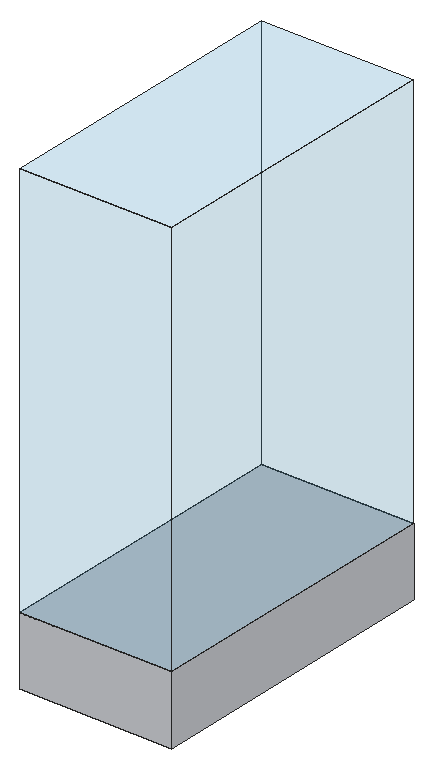
Revit family "Conduit Junction Box - Clearance", category Electrical Fixtures, Revit 2018
Family settings
  Maintain Annotation Orientation = No
  Round Connector Dimension = Use Radius
  Part Type = Junction Box
  OmniClass Number = 23.80.30.17.11
  OmniClass Title = Conduits
  Work Plane-Based = No
  Always vertical = Yes
  Cut with Voids When Loaded = No
  Shared = No
  Room Calculation Point = No
Parameters (values of type "Two Gang")
  scf vis 2 [instance] = and(Flip Side Clearance, Vertical)  # no
  scf vis 1 [instance] = and(not(Flip Side Clearance), Vertical)  # no
  not vert [instance] = not(Vertical)  # yes
  Width In Inches [instance] = Width / 0' 1"  # 9.125
  Width [instance] = if(Two Gang, Length * 2, Length)  # 9 1/8"
  Vertical = no
  Two Gang = yes
  Top Clearance [instance] = 1' - 0"
  Side Clearance [instance] = 1' - 0"
  Nominal Radius 4 [instance] = 1/4"
  Nominal Radius 3 [instance] = 1/4"
  Nominal Radius 2 [instance] = 1/4"
  Nominal Radius 1 [instance] = 1/4"
  Nominal Diameter 4 [instance] = Nominal Radius 4 * 2  # 1/2"
  Nominal Diameter 3 [instance] = Nominal Radius 3 * 2  # 1/2"
  Nominal Diameter 2 [instance] = Nominal Radius 2 * 2  # 1/2"
  Nominal Diameter 1 [instance] = Nominal Radius 1 * 2  # 1/2"
  Max Nominal Diameter 34 [instance] = if(Nominal Diameter 3 > Nominal Diameter 4, Nominal Diameter 3, Nominal Diameter 4)  # 1/2"
  Max Nominal Diameter 1234 [instance] = if(Max Nominal Diameter 12 > Max Nominal Diameter 34, Max Nominal Diameter 12, Max Nominal Diameter 34)  # 1/2"
  Max Nominal Diameter 12 [instance] = if(Nominal Diameter 1 > Nominal Diameter 2, Nominal Diameter 1, Nominal Diameter 2)  # 1/2"
  Height In Inches [instance] = Height / 0' 1"  # 2.0625
  Height [instance] = if(not(Max Nominal Diameter 1234 > 1"), 2 1/16", if(Max Nominal Diameter 1234 < 6", 6", Max Nominal Diameter 1234 * 1.2))  # 2 1/16"
  Length [instance] = if(not(Max Nominal Diameter 1234 > 1"), 4 9/16", 6 * Max Nominal Diameter 1234)  # 4 9/16"
  Flip Side Clearance [instance] = no
  Depth In Inches [instance] = Length / 0' 1"  # 4.5625
Types (3): name | scf vis 1 | not vert | Width In Inches | Width | Vertical | Two Gang | Nominal Radius 4 | Nominal Radius 3 | Nominal Radius 2 | Nominal Radius 1 | Nominal Diameter 4 | Nominal Diameter 3 | Nominal Diameter 2 | Nominal Diameter 1 | Max Nominal Diameter 34 | Max Nominal Diameter 1234 | Max Nominal Diameter 12
  Standard | no | yes | 4.5625 | 4 9/16" | no | no | 3/8" | 3/8" | 3/8" | 3/8" | 3/4" | 3/4" | 3/4" | 3/4" | 3/4" | 3/4" | 3/4"
  Two Gang | no | yes | 9.125 | 9 1/8" | no | yes | 1/4" | 1/4" | 1/4" | 1/4" | 1/2" | 1/2" | 1/2" | 1/2" | 1/2" | 1/2" | 1/2"
  Standard Vertical | yes | no | 4.5625 | 4 9/16" | yes | no | 3/8" | 3/8" | 3/8" | 3/8" | 3/4" | 3/4" | 3/4" | 3/4" | 3/4" | 3/4" | 3/4"
Reference planes (in)
  plane 1 "Center (Front/Back)": y = 0
  plane 2: z = 0
  plane 3 "Center (Left/Right)": x = 0
  plane 4: x = -2.28125
  plane 5: x = 2.28125
  plane 6: y = 4.5625
  plane 7: y = -4.5625
  plane 8: z = 1.03125
  plane 9: z = -1.03125
  plane 10: y = 1.03125
  plane 11: y = -1.03125
  plane 12: y = 13.03125
  plane 13: y = -13.03125
Forms (in)
  Extrusion 1, solid, visible <- "not vert"
    sketch origin (0, 0, 0) x (1, 0, 0) y (0, 1, 0)
      loop
        line (-2.28125, 4.5625) -> (-2.28125, -4.5625) -> (2.28125, -4.5625) -> (2.28125, 4.5625) -> (-2.28125, 4.5625)
    from -1.03125 to 1.03125
  Extrusion 2, solid, visible <- "Vertical"
    sketch origin (0, 0, 0) x (1, 0, 0) y (0, 0, 1)
      loop
        line (-2.28125, 2.28125) -> (-2.28125, -2.28125) -> (2.28125, -2.28125) -> (2.28125, 2.28125) -> (-2.28125, 2.28125)
    from -1.03125 to 1.03125
  Extrusion 3, solid, material "Glass", visible <- "not vert"
    sketch origin (0, 0, 0) x (1, 0, 0) y (0, 1, 0)
      loop
        line (2.28125, -4.5625) -> (2.28125, 4.5625) -> (-2.28125, 4.5625) -> (-2.28125, -4.5625) -> (2.28125, -4.5625)
    from 1.03125 to 13.03125
  Extrusion 4, solid, material "Glass", visible <- "scf vis 2"
    sketch origin (0, 10.38468, 0) x (1, 0, 0) y (0, 1, 0)
      loop
        line (-2.28125, -9.35343) -> (2.28125, -9.35343) -> (2.28125, 2.64657) -> (-2.28125, 2.64657) -> (-2.28125, -9.35343)
    from -2.28125 to 2.28125
  Extrusion 5, solid, material "Glass", visible <- "scf vis 1"
    sketch origin (0, -7.86532, 0) x (1, 0, 0) y (0, 1, 0)
      loop
        line (-2.28125, -5.16593) -> (2.28125, -5.16593) -> (2.28125, 6.83407) -> (-2.28125, 6.83407) -> (-2.28125, -5.16593)
    from -2.28125 to 2.28125
Dimensions and locks (in)
  equal spacing: plane 4, plane 3 "Center (Left/Right)", plane 5
  "Length": plane 4 to plane 5
  equal spacing: plane 6, plane 1 "Center (Front/Back)", plane 7
  "Width": plane 6 to plane 7
  equal spacing: plane 8, plane 2, plane 9
  "Height": plane 8 to plane 9
  Extrusion 4 to plane 6 = 0' - 8 15/32"
  "Side Clearance": plane 12 to plane 10
  equal spacing: plane 10, plane 1 "Center (Front/Back)", plane 11, locked at 1.03125 each
  "Side Clearance": plane 11 to plane 13
  "Top Clearance": Extrusion 3 to plane 8
  aligned and locked: Extrusion 1 sketch curve to plane 6
  aligned and locked: plane 4 to Extrusion 1 sketch curve
  aligned and locked: plane 7 to Extrusion 1 sketch curve
  aligned and locked: Extrusion 1 sketch curve to plane 5
  aligned and locked: Extrusion 1 to plane 9
  aligned and locked: plane 8 to Extrusion 1
  aligned and locked: Extrusion 3 sketch curve to Extrusion 1  (x4)
  aligned and locked: Extrusion 3 to plane 8
  aligned and locked: Extrusion 4 sketch curve to Extrusion 2
  aligned and locked: plane 5 to Extrusion 4 sketch curve
  aligned and locked: plane 11 to Extrusion 2  (x2)
  aligned and locked: Extrusion 2 to plane 10
  aligned and locked: plane 10 to Extrusion 4
  aligned and locked: Extrusion 4 to plane 12
  aligned and locked: plane 13 to Extrusion 5
  aligned and locked: plane 11 to Extrusion 5
Automatic sketch dimensions
  Extrusion 2 sketch curve to plane 4 = 0' - 0"
  Extrusion 2 sketch curve to plane 5 = 0' - 0"
  Extrusion 2 sketch curve to plane 9 = 0' - 1 1/4"
  plane 8 to Extrusion 2 sketch curve = 0' - 1 1/4"
  plane 10 to Extrusion 4 sketch curve = 0' - 0"
  plane 12 to Extrusion 4 sketch curve = 0' - 0"
  Extrusion 5 sketch curve to plane 4 = 0' - 0"
  Extrusion 5 sketch curve to plane 5 = 0' - 0"
  Extrusion 5 sketch curve to plane 13 = 0' - 0"
  plane 7 to Extrusion 5 sketch curve = 0' - 3 17/32"
Connectors (in)
  cabletrayconduit at (-2.28125, 0, 0), diameter 0.5, driven by "Nominal Radius 1"
    settings: on Extrusion 1, index 1, connector width 1' - 0", connector height 1' - 0", connector angle 0.00°, system type 32, placement type 0, profile type 0, connector reference index 2, is primary connector yes, connector utility param no, connector description ""
  cabletrayconduit at (2.28125, 0, 0), diameter 0.5, driven by "Nominal Radius 2"
    settings: on Extrusion 1, index 2, connector width 1' - 0", connector height 1' - 0", connector angle 0.00°, system type 32, placement type 0, profile type 0, connector reference index 1, is primary connector no, connector utility param no, connector description ""
  cabletrayconduit at (0, -4.5625, 0), diameter 0.5, driven by "Nominal Radius 3"
    settings: on Extrusion 1, index 3, connector width 1' - 0", connector height 1' - 0", connector angle 0.00°, system type 32, placement type 0, profile type 0, connector reference index 4, is primary connector no, connector utility param no, connector description ""
  cabletrayconduit at (0, 4.5625, 0), diameter 0.5, driven by "Nominal Radius 4"
    settings: on Extrusion 1, index 4, connector width 1' - 0", connector height 1' - 0", connector angle 0.00°, system type 32, placement type 0, profile type 0, connector reference index 3, is primary connector no, connector utility param no, connector description ""
  cabletrayconduit at (0, 0, 1.03125), diameter 0.5, driven by "Nominal Radius 1"
    settings: on Extrusion 1, index 5, connector width 1' - 0", connector height 1' - 0", connector angle 0.00°, system type 32, placement type 0, profile type 0, connector reference index -1, is primary connector no, connector utility param no, connector description ""
  cabletrayconduit at (0, 0, -1.03125), diameter 0.5, driven by "Nominal Radius 1"
    settings: on Extrusion 1, index 6, connector width 1' - 0", connector height 1' - 0", connector angle 0.00°, system type 32, placement type 0, profile type 0, connector reference index -1, is primary connector no, connector utility param no, connector description ""
  cabletrayconduit at (0, 0, 1.03125), diameter 24
    settings: on Extrusion 1, index 7, connector width 1' - 0", connector height 1' - 0", connector angle 0.00°, system type 32, placement type 1, profile type 0, connector reference index -1, is primary connector no, connector utility param no, connector description ""
  cabletrayconduit at (0, 0, -1.03125), diameter 24
    settings: on Extrusion 1, index 8, connector width 1' - 0", connector height 1' - 0", connector angle 0.00°, system type 32, placement type 1, profile type 0, connector reference index -1, is primary connector no, connector utility param no, connector description ""
  piping at (0, -4.5625, 0), diameter 0.5, driven by "Nominal Radius 3"
    settings: on Extrusion 1, index 9, connector inside diameter 24", connector length 0' - 0", flow factor 0, pipe flow 0 GPM, pressure drop 0.00 psi, fitting loss kfactor 0, connector angle 0.00°, fixture units 0, engagement length 0' - 0", angle of deflection 0.00°, flow configuration 0, flow direction 0, fitting loss method 0, system type 7, joint type 0, gender type 0, connector reference index -1, connector utility 0, adjustable connector no, is connector primary yes, connector description ""
  piping at (2.28125, 0, 0), diameter 0.5, driven by "Nominal Radius 2"
    settings: on Extrusion 1, index 10, connector inside diameter 24", connector length 0' - 0", flow factor 0, pipe flow 0 GPM, pressure drop 0.00 psi, fitting loss kfactor 0, connector angle 0.00°, fixture units 0, engagement length 0' - 0", angle of deflection 0.00°, flow configuration 0, flow direction 0, fitting loss method 0, system type 7, joint type 0, gender type 0, connector reference index -1, connector utility 0, adjustable connector no, is connector primary no, connector description ""
  piping at (0, 0, 1.03125), diameter 0.5, driven by "Nominal Radius 4"
    settings: on Extrusion 1, index 11, connector inside diameter 24", connector length 0' - 0", flow factor 0, pipe flow 0 GPM, pressure drop 0.00 psi, fitting loss kfactor 0, connector angle 0.00°, fixture units 0, engagement length 0' - 0", angle of deflection 0.00°, flow configuration 0, flow direction 0, fitting loss method 0, system type 7, joint type 0, gender type 0, connector reference index -1, connector utility 0, adjustable connector no, is connector primary no, connector description ""
  piping at (0, 4.5625, 0), diameter 0.5, driven by "Nominal Radius 4"
    settings: on Extrusion 1, index 12, connector inside diameter 24", connector length 0' - 0", flow factor 0, pipe flow 0 GPM, pressure drop 0.00 psi, fitting loss kfactor 0, connector angle 0.00°, fixture units 0, engagement length 0' - 0", angle of deflection 0.00°, flow configuration 0, flow direction 0, fitting loss method 0, system type 7, joint type 0, gender type 0, connector reference index -1, connector utility 0, adjustable connector no, is connector primary no, connector description ""
  piping at (-2.28125, 0, 0), diameter 0.5, driven by "Nominal Radius 1"
    settings: on Extrusion 1, index 13, connector inside diameter 24", connector length 0' - 0", flow factor 0, pipe flow 0 GPM, pressure drop 0.00 psi, fitting loss kfactor 0, connector angle 0.00°, fixture units 0, engagement length 0' - 0", angle of deflection 0.00°, flow configuration 0, flow direction 0, fitting loss method 0, system type 7, joint type 0, gender type 0, connector reference index -1, connector utility 0, adjustable connector no, is connector primary no, connector description ""
  cabletrayconduit at (-2.28125, 0, 0), diameter 0.5, driven by "Nominal Radius 1"
    settings: on Extrusion 2, index 14, connector width 1' - 0", connector height 1' - 0", connector angle 0.00°, system type 32, placement type 0, profile type 0, connector reference index -1, is primary connector no, connector utility param no, connector description ""
  cabletrayconduit at (2.28125, 0, 0), diameter 0.5, driven by "Nominal Radius 2"
    settings: on Extrusion 2, index 15, connector width 1' - 0", connector height 1' - 0", connector angle 0.00°, system type 32, placement type 0, profile type 0, connector reference index -1, is primary connector no, connector utility param no, connector description ""
  cabletrayconduit at (0, 0, -2.28125), diameter 0.5, driven by "Nominal Radius 3"
    settings: on Extrusion 2, index 16, connector width 1' - 0", connector height 1' - 0", connector angle 0.00°, system type 32, placement type 0, profile type 0, connector reference index -1, is primary connector no, connector utility param no, connector description ""
  cabletrayconduit at (0, 0, 2.28125), diameter 0.5, driven by "Nominal Radius 4"
    settings: on Extrusion 2, index 17, connector width 1' - 0", connector height 1' - 0", connector angle 0.00°, system type 32, placement type 0, profile type 0, connector reference index -1, is primary connector no, connector utility param no, connector description ""
  cabletrayconduit at (0, -1.03125, 0), diameter 0.5, driven by "Nominal Radius 1"
    settings: on Extrusion 2, index 18, connector width 1' - 0", connector height 1' - 0", connector angle 0.00°, system type 32, placement type 0, profile type 0, connector reference index -1, is primary connector no, connector utility param no, connector description ""
  cabletrayconduit at (0, 1.03125, 0), diameter 0.5, driven by "Nominal Radius 1"
    settings: on Extrusion 2, index 19, connector width 1' - 0", connector height 1' - 0", connector angle 0.00°, system type 32, placement type 0, profile type 0, connector reference index -1, is primary connector no, connector utility param no, connector description ""
  cabletrayconduit at (0, -1.03125, 0), diameter 24
    settings: on Extrusion 2, index 20, connector width 1' - 0", connector height 1' - 0", connector angle 0.00°, system type 32, placement type 1, profile type 0, connector reference index -1, is primary connector no, connector utility param no, connector description ""
  cabletrayconduit at (0, 1.03125, 0), diameter 24
    settings: on Extrusion 2, index 21, connector width 1' - 0", connector height 1' - 0", connector angle 0.00°, system type 32, placement type 1, profile type 0, connector reference index -1, is primary connector no, connector utility param no, connector description ""
  piping at (0, 0, -2.28125), diameter 0.5, driven by "Nominal Radius 3"
    settings: on Extrusion 2, index 22, connector inside diameter 24", connector length 0' - 0", flow factor 0, pipe flow 0 GPM, pressure drop 0.00 psi, fitting loss kfactor 0, connector angle 0.00°, fixture units 0, engagement length 0' - 0", angle of deflection 0.00°, flow configuration 0, flow direction 0, fitting loss method 0, system type 7, joint type 0, gender type 0, connector reference index -1, connector utility 0, adjustable connector no, is connector primary no, connector description ""
  piping at (2.28125, 0, 0), diameter 0.5, driven by "Nominal Radius 2"
    settings: on Extrusion 2, index 23, connector inside diameter 24", connector length 0' - 0", flow factor 0, pipe flow 0 GPM, pressure drop 0.00 psi, fitting loss kfactor 0, connector angle 0.00°, fixture units 0, engagement length 0' - 0", angle of deflection 0.00°, flow configuration 0, flow direction 0, fitting loss method 0, system type 7, joint type 0, gender type 0, connector reference index -1, connector utility 0, adjustable connector no, is connector primary no, connector description ""
  piping at (0, -1.03125, 0), diameter 0.5, driven by "Nominal Radius 4"
    settings: on Extrusion 2, index 24, connector inside diameter 24", connector length 0' - 0", flow factor 0, pipe flow 0 GPM, pressure drop 0.00 psi, fitting loss kfactor 0, connector angle 0.00°, fixture units 0, engagement length 0' - 0", angle of deflection 0.00°, flow configuration 0, flow direction 0, fitting loss method 0, system type 7, joint type 0, gender type 0, connector reference index -1, connector utility 0, adjustable connector no, is connector primary no, connector description ""
  piping at (0, 0, 2.28125), diameter 0.5, driven by "Nominal Radius 4"
    settings: on Extrusion 2, index 25, connector inside diameter 24", connector length 0' - 0", flow factor 0, pipe flow 0 GPM, pressure drop 0.00 psi, fitting loss kfactor 0, connector angle 0.00°, fixture units 0, engagement length 0' - 0", angle of deflection 0.00°, flow configuration 0, flow direction 0, fitting loss method 0, system type 7, joint type 0, gender type 0, connector reference index -1, connector utility 0, adjustable connector no, is connector primary no, connector description ""
  piping at (-2.28125, 0, 0), diameter 0.5, driven by "Nominal Radius 1"
    settings: on Extrusion 2, index 26, connector inside diameter 24", connector length 0' - 0", flow factor 0, pipe flow 0 GPM, pressure drop 0.00 psi, fitting loss kfactor 0, connector angle 0.00°, fixture units 0, engagement length 0' - 0", angle of deflection 0.00°, flow configuration 0, flow direction 0, fitting loss method 0, system type 7, joint type 0, gender type 0, connector reference index -1, connector utility 0, adjustable connector no, is connector primary no, connector description ""
